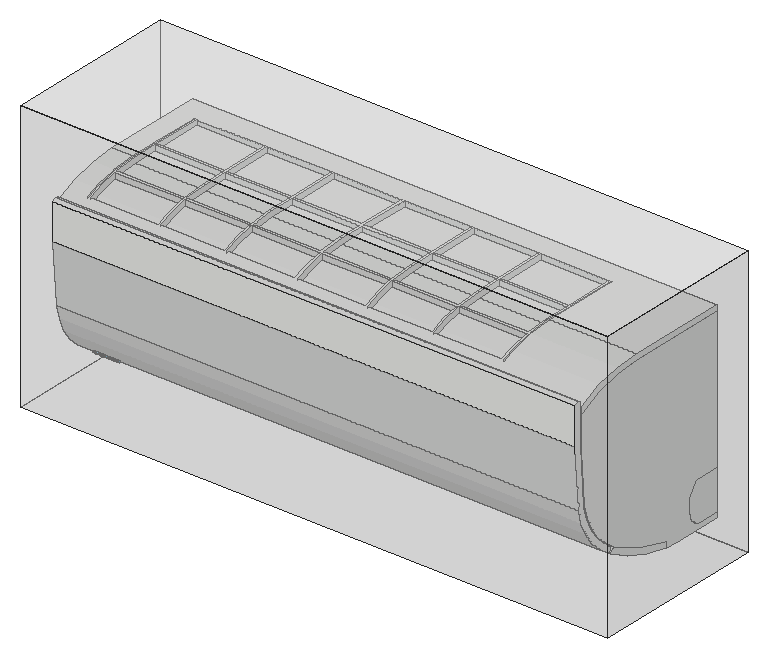
Revit family "outputfile", category 機械設備, Revit 2024
Family settings
  丸型コネクタ寸法 = 半径を使用
  パーツ タイプ = 標準
  OmniClass 番号 = 23.75.10.24.21.27.27
  OmniClass タイトル = Split System Air Conditioning Units
  作業面ベース = いいえ
  常に垂直 = はい
  ロード時にボイドで切り取り = いいえ
  注釈の向きを維持 = いいえ
  共有 = いいえ
  部屋計算ポイント = いいえ
Parameters (values of type "FXAQ32AVM")
  Description = ""
  製造元 = "Daikin"
  書き出し IFC クラス(タイプ) = "IfcUnitaryEquipmentType"
  定義済み IFC タイプ(タイプ) = "AIRCONDITIONINGUNIT"
  Cost = 0
  モデル = "FXAQ32AVM"
  Type Comments = ""
  Keynote = ""
  Type Image = (empty or 0)
  Assembly Code = ""
  w3_Indoor air flow = if(Width = 1050.0 mm, 109.0 mm, 1.0 mm)  # 1.0 mm
  w2_Indoor air flow = if(Width = 1050.0 mm, 103.0 mm, 98.0 mm)  # 98.0 mm
  w1_Indoor air flow = if(Width = 1050.0 mm, 108.0 mm, 103.0 mm)  # 103.0 mm
  r_Liquid Pipe Size = Liquid Pipe Size / 2  # 3.2 mm
  r_Gas Pipe Size = Gas Pipe Size / 2  # 6.35 mm
  r_Drain Pipe Size = Drain Pipe Size / 2  # 7.5 mm
  lw_powersupply [instance] = if(Width = 795.0 mm, if(or(Rear Right Connection_refrigerant, Bottom Right Connection_refrigerant), 83.0 mm, if(or(Rear Left Connection_refrigerant, Bottom Left Connection_refrigerant), 740.0 mm, 400.0 mm)), if(Width = 1050.0 mm, if(or(Rear Right Connection_refrigerant, Bottom Right Connection_refrigerant), 83.0 mm, if(or(Rear Left Connection_refrigerant, Bottom Left Connection_refrigerant), 712.0 mm + (1050.0 mm - 795.0 mm), 400.0 mm)), if(or(Rear Right Connection_refrigerant, Bottom Right Connection_refrigerant), 83.0 mm, if(or(Rear Left Connection_refrigerant, Bottom Left Connection_refrigerant), 712.0 mm, 400.0 mm))))  # 400.0 mm
  lw_liquidpipe [instance] = if(Width = 795.0 mm, if(or(Rear Right Connection_refrigerant, Bottom Right Connection_refrigerant), 0.0 mm, if(or(Rear Left Connection_refrigerant, Bottom Left Connection_refrigerant), 627.0 mm, 460.0 mm)), if(Width = 1050.0 mm, if(or(Rear Right Connection_refrigerant, Bottom Right Connection_refrigerant), 0.0 mm, if(or(Rear Left Connection_refrigerant, Bottom Left Connection_refrigerant), 627.0 mm + (1050.0 mm - 795.0 mm), 460.0 mm)), if(or(Rear Right Connection_refrigerant, Bottom Right Connection_refrigerant), 0.0 mm, if(or(Rear Left Connection_refrigerant, Bottom Left Connection_refrigerant), 627.0 mm, 460.0 mm))))  # 460.0 mm
  lw_gaspipe [instance] = if(Width = 795.0 mm, if(or(Rear Right Connection_refrigerant, Bottom Right Connection_refrigerant), 0.0 mm, if(or(Rear Left Connection_refrigerant, Bottom Left Connection_refrigerant), 620.0 mm, 415.0 mm)), if(Width = 1050.0 mm, if(or(Rear Right Connection_refrigerant, Bottom Right Connection_refrigerant), 0.0 mm, if(or(Rear Left Connection_refrigerant, Bottom Left Connection_refrigerant), 620.0 mm + (1050.0 mm - 795.0 mm), 415.0 mm)), if(or(Rear Right Connection_refrigerant, Bottom Right Connection_refrigerant), 0.0 mm, if(or(Rear Left Connection_refrigerant, Bottom Left Connection_refrigerant), 620.0 mm, 415.0 mm))))  # 415.0 mm
  lw_drainpipe [instance] = if(Width = 795.0 mm, if(or(Rear Right Connection_refrigerant, Bottom Right Connection_refrigerant), 0.0 mm, if(or(Rear Left Connection_refrigerant, Bottom Left Connection_refrigerant), 655.0 mm, 475.0 mm)), if(Width = 1050.0 mm, if(or(Rear Right Connection_refrigerant, Bottom Right Connection_refrigerant), 0.0 mm, if(or(Rear Left Connection_refrigerant, Bottom Left Connection_refrigerant), 655.0 mm + (1050.0 mm - 795.0 mm), 475.0 mm)), if(or(Rear Right Connection_refrigerant, Bottom Right Connection_refrigerant), 0.0 mm, if(or(Rear Left Connection_refrigerant, Bottom Left Connection_refrigerant), 655.0 mm, 475.0 mm))))  # 475.0 mm
  l_powersupply_length [instance] = if(Width = 795.0 mm, if(Right Connection_refrigerant, 400.0 mm, if(Left Connection_refrigerant, 395.0 mm, if(or(Rear Left Connection_refrigerant, Rear Right Connection_refrigerant), 15.0 mm, 50.0 mm))), if(Width = 1050.0 mm, if(Right Connection_refrigerant, 400.0 mm, if(Left Connection_refrigerant, 395.0 mm + (1050.0 mm - 795.0 mm), if(or(Rear Left Connection_refrigerant, Rear Right Connection_refrigerant), 15.0 mm, 50.0 mm))), if(Right Connection_refrigerant, 400.0 mm, if(Left Connection_refrigerant, 395.0 mm, if(or(Rear Left Connection_refrigerant, Rear Right Connection_refrigerant), 15.0 mm, 50.0 mm)))))  # 400.0 mm
  l_liquidpipe_length [instance] = if(Width = 795.0 mm, if(Right Connection_refrigerant, 558.0 mm, if(Left Connection_refrigerant, 237.0 mm, if(or(Rear Left Connection_refrigerant, Rear Right Connection_refrigerant), 30.0 mm, 40.0 mm))), if(Width = 1050.0 mm, if(Right Connection_refrigerant, 558.0 mm, if(Left Connection_refrigerant, 237.0 mm + (1050.0 mm - 795.0 mm), if(or(Rear Left Connection_refrigerant, Rear Right Connection_refrigerant), 30.0 mm, 40.0 mm))), if(Right Connection_refrigerant, 558.0 mm, if(Left Connection_refrigerant, 237.0 mm, if(or(Rear Left Connection_refrigerant, Rear Right Connection_refrigerant), 30.0 mm, 40.0 mm)))))  # 558.0 mm
  l_gaspipe_length [instance] = if(Width = 795.0 mm, if(Right Connection_refrigerant, 513.0 mm, if(Left Connection_refrigerant, 282.0 mm, if(or(Rear Left Connection_refrigerant, Rear Right Connection_refrigerant), 40.0 mm, 50.0 mm))), if(Width = 1050.0 mm, if(Right Connection_refrigerant, 513.0 mm, if(Left Connection_refrigerant, 282.0 mm + (1050.0 mm - 795.0 mm), if(or(Rear Left Connection_refrigerant, Rear Right Connection_refrigerant), 40.0 mm, 50.0 mm))), if(Right Connection_refrigerant, 513.0 mm, if(Left Connection_refrigerant, 282.0 mm, if(or(Rear Left Connection_refrigerant, Rear Right Connection_refrigerant), 40.0 mm, 50.0 mm)))))  # 513.0 mm
  l_drainpipe_length [instance] = if(Width = 795.0 mm, if(Right Connection_refrigerant, 573.0 mm, if(Left Connection_refrigerant, 222.0 mm, if(or(Rear Left Connection_refrigerant, Rear Right Connection_refrigerant), 15.0 mm, 20.0 mm))), if(Width = 1050.0 mm, if(Right Connection_refrigerant, 573.0 mm, if(Left Connection_refrigerant, 222.0 mm + (1050.0 mm - 795.0 mm), if(or(Rear Left Connection_refrigerant, Rear Right Connection_refrigerant), 15.0 mm, 20.0 mm))), if(Right Connection_refrigerant, 573.0 mm, if(Left Connection_refrigerant, 477.0 mm, if(or(Rear Left Connection_refrigerant, Rear Right Connection_refrigerant), 15.0 mm, 20.0 mm)))))  # 573.0 mm
  h*** = 0.0 mm  # constant formula
  d1_Indoor air flow = if(Width = 1050.0 mm, 38.0 mm, 35.0 mm)  # 35.0 mm
  angle_vertical [instance] = if(or(Bottom Left Connection_refrigerant, Bottom Right Connection_refrigerant), 0.00°, 90.00°)  # 90.00°
  angle_horizontal [instance] = if(Right Connection_refrigerant, 90.00°, if(Left Connection_refrigerant, -90.00°, if(or(Rear Left Connection_refrigerant, Rear Right Connection_refrigerant), 180.00°, 0.00°)))  # 90.00°
  Width = 795.0 mm
  Voltage_comment_60Hz = "220-230"
  Voltage_comment_50Hz = "220-240"
  Voltage_60Hz = 220 V
  Voltage_50Hz = 230 V
  Version = "ver.1.0"
  Unit Type = "Wall Mounted Type"
  Unit Mass Weight = 12.00 kg
  Unit Designation [instance] = ""
  Uniclass2015Version = "Products v1.30"
  Uniclass2015Title = "Variable refrigerant flow units"
  Uniclass2015Code = "Pr_70_65_03_94"
  URL = ""
  Total Heating Capacity [instance] = 0.000 kW
  Total Cooling Capacity [instance] = 0.000 kW
  Sound Pressure Level_M speed (dBA) = 0
  Sound Pressure Level_L speed (dBA) = 28.5
  Sound Pressure Level_H speed (dBA) = 37.5
  Sound Power Level_H speed (dB) = 0
  Series = "VRV Fan Coil Unit"
  Sensible Cooling Capacity [instance] = 0.000 kW
  Refrigerant Type = "R410A"
  Power Input (Heating) = 0.050 kW
  Power Input (Cooling) = 0.040 kW
  Phase_60Hz = 1
  Phase_50Hz = 1
  Option Accessory 3 [instance] = ""
  Option Accessory 2 [instance] = ""
  Option Accessory 1 [instance] = ""
  Nominal Heating Capacity = 4.000 kW
  Nominal Cooling Capacity = 3.600 kW
  Minimum Circuit Amps_60Hz = 0.6 A
  Minimum Circuit Amps_50Hz = 0.6 A
  Minimum Airflow = 420.00 m³/h
  Median Airflow = 0.00 m³/h
  Maximum Fuse Amps_60Hz = 15.0 A
  Maximum Fuse Amps_50Hz = 15.0 A
  Maximum Airflow = 588.00 m³/h
  Material_Casing = DAIKIN_White_Casing_indoorunit
  Load Classification = HVAC
  Liquid Pipe Size = 6.4 mm
  Link_Nested Family [instance] = ""
  IfcVersion = "0"
  IfcExportType = "AIRCONDITIONINGUNIT"
  IfcExportAs = "IfcUnitaryEquipmentType"
  Height = 290.0 mm
  Heating Entering Wet Bulb Temperature [instance] = 0.00 °C
  Heating Entering Dry Bulb Temperature [instance] = 0.00 °C
  Heating Ambient Wet Bulb Temperature [instance] = 0.00 °C
  Heating Ambient Dry Bulb Temperature [instance] = 0.00 °C
  Heat Exchanger Type = "Cross Fin Coil"
  Gas Pipe Size = 12.7 mm
  Frequency_60Hz = 60 Hz
  Frequency_50Hz = 50 Hz
  Fan Type = "Cross Flow Fan"
  Fan Drive = "Direct Drive"
  FCU Tag No. [instance] = ""
  Drain Pipe Size = 15.0 mm
  Design Supply Airflow [instance] = 0.00 m³/h
  Depth = 266.0 mm
  既定の高さ = 0.0 mm
  Cooling Entering Wet Bulb Temperature [instance] = 0.00 °C
  Cooling Entering Dry Bulb Temperature [instance] = 0.00 °C
  Cooling Ambient Wet Bulb Temperature [instance] = 0.00 °C
  Cooling Ambient Dry Bulb Temperature [instance] = 0.00 °C
  Clearance visibility [instance] = yes
  Clearance Top = 90.0 mm
  Clearance Right = 50.0 mm
  Clearance Rear = 0.0 mm
  Clearance Left = 50.0 mm
  Clearance Front = 0.0 mm
  Clearance Bottom = 30.0 mm
  Bottom Right Connection_refrigerant [instance] = no
  Bottom Left Connection_refrigerant [instance] = no
  Rear Right Connection_refrigerant [instance] = no
  Rear Left Connection_refrigerant [instance] = no
  Right Connection_refrigerant [instance] = yes
  Left Connection_refrigerant [instance] = no
Reference planes
  plane 1 "Back": y = 0
  plane 2: z = 0
  plane 3 "Center (Left/Right)": x = 0
  plane 4 "Center (Front/Back)": y = -133
  plane 5 "Front": y = -266
  plane 6 "Left": x = -397.5
  plane 7 "Right": x = 397.5
  plane 8 "Top": z = 0
  plane 9 "Bottom": z = -290
  plane 10 "Front panel_Left": x = -395.5
  plane 11 "Front panel_Right": x = 395.5
  plane 12: x = 261.5
  plane 13: x = 256.5
  plane 14: x = -445.5
  plane 15: x = 445.5
  plane 16: y = 0
  plane 17: y = -266
  plane 18: z = 90
  plane 19: z = -320
  plane 20: y = -35
  plane 21: y = -111.5
  plane 22: y = -187.5
  plane 23: y = -237
  plane 24: y = -115
  plane 25: y = -191
  plane 26: x = -50
  plane 27: x = -52
  plane 28: x = -48
  plane 29: x = 55
  plane 30: x = -155
  plane 31: x = -158
  plane 32: x = 58
  plane 33: x = -256
  plane 34: x = 156
  plane 35: x = -259
  plane 36: x = 159
  plane 37: x = -362
  plane 38: x = 262
  plane 39: x = -365
  plane 40: x = 265
  plane 41: x = 266
  plane 42: x = -366
  plane 43 "lw_Piping and Wiring intake": x = 299.5
  plane 44 "lw_gaspipe": x = -115.5
  plane 45 "lw_liquidpipe": x = -160.5
  plane 46 "lw_drainpipe": x = -175.5
  plane 47 "lh_drainpipe": z = -270
  plane 48 "lh_liquidpipe": z = -250
  plane 49 "lh_gaspipe": z = -240
  plane 50 "ld_drainpipe": y = -15
  plane 51 "ld_liquidpipe": y = -30
  plane 52 "ld_gaspipe": y = -40
  plane 53 "lw_powersupply": x = -2.5
Forms (mm)
  Extrusion 1, solid, material "DAIKIN_White_Casing_indoorunit" <- "Material_Casing"
    sketch origin (0, 0, 0) x (0, 1, 0) y (0, 0, 1)
      loop
        line (0, 0) -> (-151.682, 0)
        arc (-151.682, 0) -> (-205.302, -6.828) -> (-255.5, -26.876) r 213.958
        line (-255.5, -26.876) -> (-255.5, -36.08)
        arc (-255.5, -36.08) -> (-205.456, -15.144) -> (-151.682, -8) r 205.958
        line (-151.682, -8) -> (0, -8) -> (0, 0)
    from -397.5 to 397.5
  Extrusion 2, solid, material "DAIKIN_White_Casing_indoorunit" <- "Material_Casing"
    sketch origin (0, 0, 0) x (0, 1, 0) y (0, 0, 1)
      loop
        arc (-151.682, -8) -> (-205.456, -15.144) -> (-255.5, -36.08) r 205.958
        line (-255.5, -36.08) -> (-255.5, -86.08)
        arc (-255.5, -86.08) -> (-253.87, -125.667) -> (-248.99, -164.986) r 481.435
        arc (-248.99, -164.986) -> (-230.945, -209.78) -> (-195.65, -242.741) r 111.486
        arc (-195.65, -242.741) -> (-147.09, -265.96) -> (-95.247, -280.433) r 310.126
        line (-95.247, -280.433) -> (-95.247, -288.232)
        arc (-95.247, -288.232) -> (-84.534, -289.557) -> (-73.748, -290) r 131.592
        line (-73.748, -290) -> (0, -290) -> (0, -8) -> (-151.682, -8)
    from -397.5 to 397.5
  Extrusion 3, solid, material "DAIKIN_White_Casing_indoorunit" <- "Material_Casing"
    sketch origin (397.5, 1296.25, 1200) x (0, 1, 0) y (0, 0, 1)
      loop
        line (-1491.901, -1442.741) -> (-1496.494, -1450.482)
        arc (-1496.494, -1450.482) -> (-1447.058, -1474.911) -> (-1393.497, -1488.023) r 252.452
        line (-1393.497, -1488.023) -> (-1393.497, -1480.051)
        arc (-1393.497, -1480.051) -> (-1444.293, -1465.6) -> (-1491.901, -1442.741) r 310.126
    from 0 to -40.5
  Extrusion 4, solid, material "DAIKIN_White_Casing_indoorunit" <- "Material_Casing"
    sketch origin (0, 0, 0) x (0, 1, 0) y (0, 0, 1)
      loop
        line (-257, -76.896) -> (-257, -19.457) -> (-258.688, -19.457)
        arc (-258.688, -19.457) -> (-262.551, -20.17) -> (-266, -22.048) r 12.48
        line (-266, -22.048) -> (-266, -76.896) -> (-257, -76.896)
    from -395.5 to 395.5
  Extrusion 5, solid, material "DAIKIN_White_Casing_indoorunit" <- "Material_Casing"
    sketch origin (0, 0, 0) x (0, 1, 0) y (0, 0, 1)
      loop
        arc (-266, -76.896) -> (-264.342, -121.828) -> (-259.378, -166.517) r 609.735
        line (-259.378, -166.517) -> (-250.471, -165.192)
        arc (-250.471, -165.192) -> (-255.366, -121.165) -> (-257, -76.896) r 600.314
        line (-257, -76.896) -> (-266, -76.896)
    from -395.5 to 395.5
  Extrusion 6, solid, material "DAIKIN_White_Casing_indoorunit" <- "Material_Casing"
    sketch origin (0, 0, 0) x (0, 1, 0) y (0, 0, 1)
      loop
        arc (-259.378, -166.517) -> (-240.331, -214.672) -> (-201.947, -249.433) r 114
        line (-201.947, -249.433) -> (-197.324, -241.643)
        arc (-197.324, -241.643) -> (-232.845, -209.638) -> (-250.471, -165.192) r 104.894
        line (-250.471, -165.192) -> (-259.378, -166.517)
    from -395.5 to 395.5
  Extrusion 7, solid, material "DAIKIN_White_Casing_indoorunit" <- "Material_Casing"
    sketch origin (-397.5, 1296.25, 1200) x (0, 1, 0) y (0, 0, 1)
      loop
        arc (-1496.494, -1450.482) -> (-1447.058, -1474.911) -> (-1393.497, -1488.023) r 252.452
        line (-1393.497, -1488.023) -> (-1393.497, -1480.051)
        arc (-1393.497, -1480.051) -> (-1444.293, -1465.6) -> (-1491.901, -1442.741) r 310.126
        line (-1491.901, -1442.741) -> (-1496.494, -1450.482)
    from 0 to 40.5
  Extrusion 8, solid, material "DAIKIN_White_Casing_indoorunit" <- "Material_Casing"
    sketch origin (0, 0, 0) x (0, 1, 0) y (0, 0, 1)
      loop
        arc (-133.049, -280.649) -> (-115.282, -284.985) -> (-97.247, -288.023) r 252.452
        line (-97.247, -288.023) -> (-97.247, -280.051)
        arc (-97.247, -280.051) -> (-113.907, -276.335) -> (-130.338, -271.708) r 310.126
        line (-130.338, -271.708) -> (-133.049, -280.649)
    from -357 to 357
  Extrusion 9, solid, material "DAIKIN_White_Casing_indoorunit" <- "Material_Casing"
    sketch origin (261.5, -1524, 1789.769) x (0, 0, 1) y (0, -1, 0)
      loop
        line (-2032.51, -1328.35) -> (-2040.251, -1323.756)
        arc (-2040.251, -1323.756) -> (-2050.358, -1341.058) -> (-2059.061, -1359.107) r 252.452
        line (-2059.061, -1359.107) -> (-2050.603, -1364.126)
        arc (-2050.603, -1364.126) -> (-2042.135, -1345.945) -> (-2032.51, -1328.35) r 310.126
    from 0 to 95.5
  Extrusion 10, solid, material "DAIKIN_White_Casing_indoorunit" <- "Material_Casing"
    sketch origin (261.5, -1524, 1789.769) x (0, 0, 1) y (0, -1, 0)
      loop
        arc (-2059.061, -1359.107) -> (-2065.273, -1374.839) -> (-2070.418, -1390.951) r 252.452
        line (-2070.418, -1390.951) -> (-2061.477, -1393.662)
        arc (-2061.477, -1393.662) -> (-2056.415, -1378.756) -> (-2050.603, -1364.126) r 310.126
        line (-2050.603, -1364.126) -> (-2059.061, -1359.107)
    from 0 to 95.5
  Extrusion 11, solid, material "DAIKIN_White_Casing_indoorunit" <- "Material_Casing"
    sketch origin (256.5, -1524, 1089.438) x (0, 0, 1) y (0, -1, 0)
      loop
        arc (-1350.272, -1364.126) -> (-1341.805, -1345.945) -> (-1332.179, -1328.35) r 310.126
        line (-1332.179, -1328.35) -> (-1339.92, -1323.756)
        arc (-1339.92, -1323.756) -> (-1350.027, -1341.058) -> (-1358.73, -1359.107) r 252.452
        line (-1358.73, -1359.107) -> (-1350.272, -1364.126)
    from 0 to -613.5
  Extrusion 12, solid, material "DAIKIN_White_Casing_indoorunit" <- "Material_Casing"
    sketch origin (256.5, -1524, 1089.438) x (0, 0, 1) y (0, -1, 0)
      loop
        arc (-1361.147, -1393.662) -> (-1356.085, -1378.756) -> (-1350.272, -1364.126) r 310.126
        line (-1350.272, -1364.126) -> (-1358.73, -1359.107)
        arc (-1358.73, -1359.107) -> (-1364.943, -1374.839) -> (-1370.087, -1390.951) r 252.452
        line (-1370.087, -1390.951) -> (-1361.147, -1393.662)
    from 0 to -613.5
  Extrusion 13, void
    sketch origin (0, 0, 0) x (-1, 0, 0) y (0, -1, 0)
      loop
        line (48, 35) -> (48, 111.5) -> (-55, 111.5) -> (-55, 35) -> (48, 35)
      loop
        line (-58, 35) -> (-58, 111.5) -> (-156, 111.5) -> (-156, 35) -> (-58, 35)
      loop
        line (-159, 35) -> (-159, 111.5) -> (-262, 111.5) -> (-262, 35) -> (-159, 35)
      loop
        line (-265, 35) -> (-265, 111.5) -> (-266, 111.5) -> (-266, 35) -> (-265, 35)
      loop
        line (155, 35) -> (155, 111.5) -> (52, 111.5) -> (52, 35) -> (155, 35)
      loop
        line (-265, 115) -> (-265, 187.5) -> (-266, 187.5) -> (-266, 115) -> (-265, 115)
      loop
        line (-265, 191) -> (-265, 237) -> (-266, 237) -> (-266, 191) -> (-265, 191)
      loop
        line (-159, 237) -> (-262, 237) -> (-262, 191) -> (-159, 191) -> (-159, 237)
      loop
        line (-58, 237) -> (-156, 237) -> (-156, 191) -> (-58, 191) -> (-58, 237)
      loop
        line (-55, 191) -> (48, 191) -> (48, 237) -> (-55, 237) -> (-55, 191)
      loop
        line (155, 237) -> (52, 237) -> (52, 191) -> (155, 191) -> (155, 237)
      loop
        line (256, 237) -> (158, 237) -> (158, 191) -> (256, 191) -> (256, 237)
      loop
        line (362, 237) -> (259, 237) -> (259, 191) -> (362, 191) -> (362, 237)
      loop
        line (158, 35) -> (256, 35) -> (256, 111.5) -> (158, 111.5) -> (158, 35)
      loop
        line (259, 35) -> (362, 35) -> (362, 111.5) -> (259, 111.5) -> (259, 35)
      loop
        line (362, 115) -> (362, 187.5) -> (259, 187.5) -> (259, 115) -> (362, 115)
      loop
        line (256, 115) -> (256, 187.5) -> (158, 187.5) -> (158, 115) -> (256, 115)
      loop
        line (155, 115) -> (155, 187.5) -> (52, 187.5) -> (52, 115) -> (155, 115)
      loop
        line (48, 115) -> (48, 187.5) -> (-55, 187.5) -> (-55, 115) -> (48, 115)
      loop
        line (-58, 115) -> (-58, 187.5) -> (-156, 187.5) -> (-156, 115) -> (-58, 115)
      loop
        line (-159, 115) -> (-159, 187.5) -> (-262, 187.5) -> (-262, 115) -> (-159, 115)
      loop
        line (365, 35) -> (366, 35) -> (366, 111.5) -> (365, 111.5) -> (365, 35)
      loop
        line (366, 115) -> (366, 187.5) -> (365, 187.5) -> (365, 115) -> (366, 115)
      loop
        line (366, 237) -> (365, 237) -> (365, 191) -> (366, 191) -> (366, 237)
    from 2 to -30
  Extrusion 14, solid, material "DAIKIN_White_Casing_indoorunit" <- "Material_Casing"
    sketch origin (0, 0, 0) x (1, 0, 0) y (0, 0, 1)
      loop
        circle (299.5, -246) r 40
      loop
        circle (-337.5, -246) r 40
    from 0 to 5
  Extrusion 15, solid, material "DAIKIN_White_Casing_indoorunit" <- "Material_Casing"
    sketch origin (397.5, 1296.25, 1200) x (0, -1, 0) y (0, 0, 1)
      loop
        line (1326.25, -1422) -> (1296.25, -1422) -> (1296.25, -1482) -> (1326.25, -1482)
        arc (1326.25, -1482) -> (1340.393, -1476.142) -> (1346.25, -1462) r 20
        line (1346.25, -1462) -> (1346.25, -1442)
        arc (1346.25, -1442) -> (1340.393, -1427.858) -> (1326.25, -1422) r 20
    from 0 to 5
  Extrusion 16, solid, material "DAIKIN_White_Casing_indoorunit" <- "Material_Casing"
    sketch origin (-397.5, 1296.25, 1200) x (0, 1, 0) y (0, 0, 1)
      loop
        line (-1296.25, -1422) -> (-1326.25, -1422)
        arc (-1326.25, -1422) -> (-1340.393, -1427.858) -> (-1346.25, -1442) r 20
        line (-1346.25, -1442) -> (-1346.25, -1462)
        arc (-1346.25, -1462) -> (-1340.393, -1476.142) -> (-1326.25, -1482) r 20
        line (-1326.25, -1482) -> (-1296.25, -1482) -> (-1296.25, -1422)
    from 0 to 5
  Extrusion 17, solid, material "DAIKIN_White_Casing_indoorunit" <- "Material_Casing"
    sketch origin (0, 0, -290) x (-1, 0, 0) y (0, -1, 0)
      loop
        line (-269.5, 0) -> (-269.5, 30)
        arc (-269.5, 30) -> (-275.358, 44.142) -> (-289.5, 50) r 20
        line (-289.5, 50) -> (-309.5, 50)
        arc (-309.5, 50) -> (-323.642, 44.142) -> (-329.5, 30) r 20
        line (-329.5, 30) -> (-329.5, 0) -> (-269.5, 0)
      loop
        line (367.5, 0) -> (367.5, 30)
        arc (367.5, 30) -> (361.642, 44.142) -> (347.5, 50) r 20
        line (347.5, 50) -> (327.5, 50)
        arc (327.5, 50) -> (313.358, 44.142) -> (307.5, 30) r 20
        line (307.5, 30) -> (307.5, 0) -> (367.5, 0)
    from 0 to 5
Cuts and joins
  joined: Extrusion 4, Extrusion 5, Extrusion 6
  joined: Extrusion 3, Extrusion 7, Extrusion 8
  Extrusion 13 cuts Extrusion 1
Lines and regions (mm)
  reference lines
    curve 1: line (-395.5, -227.394, -229.966) -> (-395.5, -220.117, -236.824)
Dimensions and locks
  equal spacing: plane 6 "Left", plane 3 "Center (Left/Right)", plane 7 "Right"
  "Width": plane 6 "Left" to plane 7 "Right"
  equal spacing: plane 5 "Front", plane 4 "Center (Front/Back)", plane 1 "Back"
  "Depth": plane 5 "Front" to plane 1 "Back"
  "Height": plane 8 "Top" to plane 9 "Bottom"
  locked: Extrusion 1 sketch curve to Extrusion 1 sketch curve at 8
  locked: Extrusion 2 sketch curve to plane 1 "Back" at 73.748
  locked: Extrusion 3 sketch curve to plane 1 "Back" at 97.247
  locked: Extrusion 4 sketch curve to Extrusion 4 sketch curve at 9
  locked: plane 8 "Top" to Extrusion 4 sketch curve at 19.457
  locked: plane 5 "Front" to Extrusion 6 sketch curve at 6.622
  locked: plane 5 "Front" to Extrusion 6 sketch curve at 15.529
  locked: plane 10 "Front panel_Left" to plane 6 "Left" at 2
  locked: plane 7 "Right" to plane 11 "Front panel_Right" at 2
  locked: cut or joined group of Extrusion 3, Extrusion 7, Extrusion 8 to Extrusion 9 sketch curve at 40
  locked: plane 7 "Right" to plane 12 at 136
  locked: plane 12 to plane 13 at 5
  "Clearance Left": plane 14 to plane 10 "Front panel_Left"
  "Clearance Right": plane 11 "Front panel_Right" to plane 15
  "Clearance Rear": plane 16 to plane 1 "Back"
  "Clearance Front": plane 17 to plane 5 "Front"
  "Clearance Top": plane 18 to plane 8 "Top"
  "Clearance Bottom": plane 9 "Bottom" to plane 19
  locked: nested 2 to plane 10 "Front panel_Left" at 50
  "d1_Indoor air flow": plane 20 to plane 1 "Back"
  locked: plane 20 to plane 21 at 76.5
  locked: plane 21 to plane 24 at 3.5
  locked: plane 24 to plane 22 at 72.5
  locked: plane 22 to plane 25 at 3.5
  locked: plane 25 to plane 23 at 46
  locked: plane 26 to plane 3 "Center (Left/Right)" at 50
  equal spacing: plane 27, plane 26, plane 28
  locked: plane 27 to plane 28 at 4
  "w1_Indoor air flow": plane 28 to plane 29
  "w1_Indoor air flow": plane 30 to plane 27
  locked: plane 31 to plane 30 at 3
  locked: plane 29 to plane 32 at 3
  "w2_Indoor air flow": plane 33 to plane 31
  "w2_Indoor air flow": plane 32 to plane 34
  locked: plane 35 to plane 33 at 3
  locked: plane 34 to plane 36 at 3
  locked: plane 37 to plane 35 at 103
  locked: plane 36 to plane 38 at 103
  locked: plane 39 to plane 37 at 3
  locked: plane 38 to plane 40 at 3
  "w3_Indoor air flow": plane 40 to plane 41
  "w3_Indoor air flow": plane 42 to plane 39
  locked: plane 9 "Bottom" to Extrusion 14 sketch curve at 44  (x2)
  locked: Extrusion 14 sketch curve to plane 6 "Left" at 60
  locked: plane 7 "Right" to Extrusion 14 sketch curve at 98
  locked: plane 43 "lw_Piping and Wiring intake" to plane 7 "Right" at 98
  "lw_gaspipe": plane 44 "lw_gaspipe" to plane 43 "lw_Piping and Wiring intake"
  "lw_liquidpipe": plane 45 "lw_liquidpipe" to plane 43 "lw_Piping and Wiring intake"
  "lw_drainpipe": plane 46 "lw_drainpipe" to plane 43 "lw_Piping and Wiring intake"
  locked: plane 47 "lh_drainpipe" to plane 9 "Bottom" at 20
  locked: plane 48 "lh_liquidpipe" to plane 9 "Bottom" at 40
  locked: plane 49 "lh_gaspipe" to plane 9 "Bottom" at 50
  locked: plane 50 "ld_drainpipe" to plane 1 "Back" at 15
  locked: plane 1 "Back" to plane 51 "ld_liquidpipe" at 30
  locked: plane 1 "Back" to plane 52 "ld_gaspipe" at 40
  Extrusion 15 sketch curve to Extrusion 15 sketch curve to plane 9 "Bottom" = 60.0 mm locked, 8.0 mm locked
  locked: Extrusion 15 sketch curve to Extrusion 15 sketch curve at 50
  locked: Extrusion 17 sketch curve to Extrusion 17 sketch curve at 60  (x2)
  locked: Extrusion 17 sketch curve to Extrusion 17 sketch curve at 50
  locked: Extrusion 17 sketch curve to plane 43 "lw_Piping and Wiring intake" at 30
  locked: plane 6 "Left" to Extrusion 17 sketch curve at 30
  "lw_powersupply": plane 53 "lw_powersupply" to plane 7 "Right"
  radius of Extrusion 5 sketch curve = 609.735 mm
  radius of Extrusion 5 sketch curve = 600.314 mm
  aligned and locked: level to plane 2
  aligned and locked: plane 8 "Top" to Extrusion 1 sketch curve
  aligned and locked: plane 1 "Back" to Extrusion 1 sketch curve
  aligned and locked: Extrusion 1 to plane 6 "Left"
  aligned and locked: plane 7 "Right" to Extrusion 1
  aligned and locked: Extrusion 2 sketch curve to Extrusion 1
  aligned and locked: Extrusion 1 to Extrusion 2 sketch curve
  aligned and locked: plane 1 "Back" to Extrusion 2 sketch curve
  aligned and locked: Extrusion 2 sketch curve to plane 9 "Bottom"
  aligned and locked: Extrusion 2 to plane 6 "Left"
  aligned and locked: plane 7 "Right" to Extrusion 2
  aligned and locked: Extrusion 3 sketch curve to Extrusion 2
  aligned and locked: plane 5 "Front" to Extrusion 4 sketch curve
  aligned and locked: Extrusion 5 sketch curve to Extrusion 4
  aligned and locked: Extrusion 6 sketch curve to Extrusion 5
  aligned and locked: cut or joined group of Extrusion 4, Extrusion 5, Extrusion 6 to plane 11 "Front panel_Right"  (x3)
  aligned and locked: plane 10 "Front panel_Left" to cut or joined group of Extrusion 4, Extrusion 5, Extrusion 6  (x3)
  aligned and locked: Extrusion 7 sketch curve to Extrusion 3  (x4)
  aligned and locked: Extrusion 8 sketch curve to Extrusion 3  (x3)
  aligned and locked: Extrusion 8 to Extrusion 3
  aligned and locked: Extrusion 8 to Extrusion 7
  aligned and locked: Extrusion 9 sketch curve to cut or joined group of Extrusion 3, Extrusion 7, Extrusion 8  (x3)
  aligned and locked: Extrusion 10 sketch curve to cut or joined group of Extrusion 3, Extrusion 7, Extrusion 8  (x3)
  aligned and locked: Extrusion 10 sketch curve to Extrusion 9
  aligned and locked: Extrusion 9 to cut or joined group of Extrusion 3, Extrusion 7, Extrusion 8
  aligned and locked: Extrusion 10 to cut or joined group of Extrusion 3, Extrusion 7, Extrusion 8
  aligned and locked: Extrusion 11 sketch curve to Extrusion 9  (x4)
  aligned and locked: Extrusion 11 to cut or joined group of Extrusion 3, Extrusion 7, Extrusion 8
  aligned and locked: Extrusion 12 sketch curve to Extrusion 10  (x4)
  aligned and locked: Extrusion 12 to cut or joined group of Extrusion 3, Extrusion 7, Extrusion 8
  aligned and locked: plane 16 to nested 1
  aligned and locked: nested 1 to plane 17
  aligned and locked: plane 14 to nested 1
  aligned and locked: plane 15 to nested 1
  aligned and locked: plane 19 to nested 1
  aligned and locked: plane 18 to nested 1
  aligned and locked: nested 2 to curve 1
  aligned and locked: Extrusion 13 sketch curve to plane 20  (x5)
  aligned and locked: plane 28 to Extrusion 13 sketch curve  (x2)
  aligned and locked: plane 21 to Extrusion 13 sketch curve  (x5)
  aligned and locked: Extrusion 13 sketch curve to plane 29  (x2)
  aligned and locked: plane 32 to Extrusion 13 sketch curve  (x2)
  aligned and locked: Extrusion 13 sketch curve to plane 34  (x2)
  aligned and locked: plane 36 to Extrusion 13 sketch curve  (x2)
  aligned and locked: Extrusion 13 sketch curve to plane 38  (x2)
  aligned and locked: plane 40 to Extrusion 13 sketch curve  (x3)
  aligned and locked: Extrusion 13 sketch curve to plane 41  (x3)
  aligned and locked: plane 30 to Extrusion 13 sketch curve  (x2)
  aligned and locked: Extrusion 13 sketch curve to plane 27  (x2)
  aligned and locked: Extrusion 13 sketch curve to plane 24  (x8)
  aligned and locked: plane 22 to Extrusion 13 sketch curve  (x8)
  aligned and locked: Extrusion 13 sketch curve to plane 25
  aligned and locked: plane 23 to Extrusion 13 sketch curve
  aligned and locked: Extrusion 13 sketch curve to plane 23  (x7)
  aligned and locked: Extrusion 13 sketch curve to plane 36
  aligned and locked: plane 25 to Extrusion 13 sketch curve  (x7)
  aligned and locked: plane 38 to Extrusion 13 sketch curve
  aligned and locked: Extrusion 13 sketch curve to plane 32
  aligned and locked: plane 34 to Extrusion 13 sketch curve
  aligned and locked: plane 29 to Extrusion 13 sketch curve
  aligned and locked: Extrusion 13 sketch curve to plane 28
  aligned and locked: Extrusion 13 sketch curve to plane 30
  aligned and locked: plane 27 to Extrusion 13 sketch curve
  aligned and locked: Extrusion 13 sketch curve to plane 33  (x2)
  aligned and locked: plane 31 to Extrusion 13 sketch curve  (x2)
  aligned and locked: Extrusion 13 sketch curve to plane 37  (x2)
  aligned and locked: plane 35 to Extrusion 13 sketch curve  (x2)
  aligned and locked: plane 20 to Extrusion 13 sketch curve  (x3)
  aligned and locked: Extrusion 13 sketch curve to plane 21  (x3)
  aligned and locked: plane 37 to Extrusion 13 sketch curve
  aligned and locked: Extrusion 13 sketch curve to plane 35
  aligned and locked: plane 33 to Extrusion 13 sketch curve
  aligned and locked: Extrusion 13 sketch curve to plane 31
  aligned and locked: plane 39 to Extrusion 13 sketch curve  (x2)
  aligned and locked: Extrusion 13 sketch curve to plane 42  (x2)
  aligned and locked: plane 42 to Extrusion 13 sketch curve
  aligned and locked: Extrusion 13 sketch curve to plane 39
  aligned and locked: plane 1 "Back" to Extrusion 15 sketch curve
  aligned and locked: Extrusion 16 sketch curve to Extrusion 15  (x4)
  aligned and locked: Extrusion 17 sketch curve to Extrusion 17 sketch curve  (x2)
  aligned and locked: plane 1 "Back" to Extrusion 17 sketch curve
  aligned and locked: plane 44 "lw_gaspipe" to nested 3
  aligned and locked: nested 3 to plane 52 "ld_gaspipe"
  aligned and locked: plane 45 "lw_liquidpipe" to nested 4
  aligned and locked: nested 4 to plane 51 "ld_liquidpipe"
  aligned and locked: plane 46 "lw_drainpipe" to nested 5
  aligned and locked: nested 5 to plane 50 "ld_drainpipe"
  aligned and locked: nested 6 to plane 50 "ld_drainpipe"
  aligned and locked: plane 53 "lw_powersupply" to nested 6
  aligned and locked: level to plane 8 "Top"
Automatic sketch dimensions
  Extrusion 1 sketch curve to plane 8 "Top" = 0.0 mm
  Extrusion 1 sketch curve to plane 4 "Center (Front/Back)" = 18.682 mm
  Extrusion 1 sketch curve to Extrusion 1 sketch curve = 9.205 mm
  Extrusion 1 sketch curve to Extrusion 1 sketch curve = 0.0 mm  (x3)
  Extrusion 1 sketch curve to plane 5 "Front" = 10.5 mm
  Extrusion 2 sketch curve to plane 4 "Center (Front/Back)" = 6.011 mm
  plane 9 "Bottom" to Extrusion 2 sketch curve = 9.567 mm
  Extrusion 2 sketch curve to Extrusion 2 sketch curve = 21.499 mm
  plane 1 "Back" to Extrusion 2 sketch curve = 38.095 mm
  Extrusion 2 sketch curve to plane 8 "Top" = 86.08 mm
  Extrusion 2 sketch curve to Extrusion 2 sketch curve = 7.799 mm
  Extrusion 2 sketch curve to Extrusion 2 sketch curve = 11.695 mm
  plane 8 "Top" to Extrusion 2 sketch curve = 24.382 mm
  Extrusion 2 sketch curve to Extrusion 2 sketch curve = 0.0 mm  (x2)
  Extrusion 4 sketch curve to Extrusion 4 sketch curve = 1.688 mm
  Extrusion 4 sketch curve to plane 5 "Front" = 7.618 mm
  Extrusion 4 sketch curve to Extrusion 4 sketch curve = 12.476 mm
  Extrusion 4 sketch curve to Extrusion 4 sketch curve = 44.963 mm
  Extrusion 5 sketch curve to Extrusion 5 sketch curve = 0.421 mm
  Extrusion 5 sketch curve to plane 5 "Front" = 6.622 mm
  Extrusion 5 sketch curve to Extrusion 5 sketch curve = 8.907 mm
  Extrusion 5 sketch curve to plane 5 "Front" = 0.0 mm
  plane 9 "Bottom" to Extrusion 6 sketch curve = 40.567 mm
  Extrusion 6 sketch curve to Extrusion 6 sketch curve = 4.622 mm
  Extrusion 6 sketch curve to Extrusion 6 sketch curve = 0.102 mm
  Extrusion 6 sketch curve to Extrusion 6 sketch curve = 0.003 mm
  Extrusion 6 sketch curve to Extrusion 6 sketch curve = 48.524 mm
  Extrusion 6 sketch curve to Extrusion 6 sketch curve = 50.607 mm
  plane 9 "Bottom" to Extrusion 3 sketch curve = 47.259 mm
  Extrusion 3 sketch curve to Extrusion 3 sketch curve = 4.593 mm
  plane 1 "Back" to Extrusion 3 sketch curve = 64.356 mm
  plane 9 "Bottom" to Extrusion 3 sketch curve = 1.977 mm
  Extrusion 3 sketch curve to Extrusion 3 sketch curve = 7.741 mm
  plane 4 "Center (Front/Back)" to Extrusion 8 sketch curve = 2.662 mm
  Extrusion 8 sketch curve to plane 4 "Center (Front/Back)" = 0.049 mm
  plane 9 "Bottom" to curve 1 = 53.176 mm
  curve 1 to plane 5 "Front" = 45.883 mm
  curve 1 to curve 1 = 6.859 mm
  curve 1 to curve 1 = 7.277 mm
  Extrusion 15 sketch curve to plane 51 "ld_liquidpipe" = 0.0 mm  (x2)
  Extrusion 17 sketch curve to plane 51 "ld_liquidpipe" = 0.0 mm  (x4)
  radius of Extrusion 14 sketch curve = 40.0 mm  (x2)
Nested families
  nested 1: "daikin_clearancespace" at (0, -133, -114.881), show <- "Clearance visibility", visible <- "Clearance visibility", Link_Nested Family <- "Link_Nested Family", type "daikin_clearancespace"
    with width 891.0 mm, show yes, height 410.0 mm, depth 266.0 mm, Link_Nested Family ""
  nested 2: "daikin_logo_plane_w40" at (-345.5, -227.722, -229.657) x (1, 0, 0) z (0, -0.6859, -0.7277), type "daikin_logo_plane_w40"
    with show_logo yes
  nested 3: "daikin_connector_rotate3" at (-115.5, -40, -240), angle_vertical <- "angle_vertical", angle_horizontal <- "angle_horizontal", length <- "l_gaspipe_length", radius <- "r_Gas Pipe Size", type "daikin_connector_rotate3"
    with show no, radius 6.35 mm, length 513.0 mm, angle_vertical 90.00°, angle_horizontal 90.00°
  nested 4: "daikin_connector_rotate3" at (-160.5, -30, -250), angle_vertical <- "angle_vertical", angle_horizontal <- "angle_horizontal", radius <- "r_Liquid Pipe Size", length <- "l_liquidpipe_length", type "daikin_connector_rotate3"
    with show no, radius 3.2 mm, length 558.0 mm, angle_vertical 90.00°, angle_horizontal 90.00°
  nested 5: "daikin_connector_rotate3" at (-175.5, -15, -270), angle_vertical <- "angle_vertical", angle_horizontal <- "angle_horizontal", length <- "l_drainpipe_length", radius <- "r_Drain Pipe Size", type "daikin_connector_rotate3"
    with show no, radius 7.5 mm, length 573.0 mm, angle_vertical 90.00°, angle_horizontal 90.00°
  nested 6: "daikin_connector_rotate3" at (-2.5, -15, -240), angle_vertical <- "angle_vertical", angle_horizontal <- "angle_horizontal", length <- "l_powersupply_length", type "daikin_connector_rotate3"
    with show no, radius 10.0 mm, length 400.0 mm, angle_vertical 90.00°, angle_horizontal 90.00°
Connectors
  piping at (397.5, -40, -240), diameter 12.7, driven by "r_Gas Pipe Size"
    settings: on nested 3, index 1, connector inside diameter 609.6 mm, connector length 0.0 mm, flow factor 0, pipe flow 0.00 m³/h, pressure drop 0.0 Pa, fitting loss kfactor 0, connector angle 0.00°, fixture units 0, engagement length 0.0 mm, angle of deflection 0.00°, flow configuration 1, flow direction 2, fitting loss method 0, system type 29, joint type 0, gender type 0, connector reference index -1, connector utility 0, adjustable connector no, is connector primary yes, connector description "Refrigerant Gas Piping"
  piping at (397.5, -30, -250), diameter 6.4, driven by "r_Liquid Pipe Size"
    settings: on nested 4, index 2, connector inside diameter 609.6 mm, connector length 0.0 mm, flow factor 0, pipe flow 0.00 m³/h, pressure drop 0.0 Pa, fitting loss kfactor 0, connector angle 0.00°, fixture units 0, engagement length 0.0 mm, angle of deflection 0.00°, flow configuration 1, flow direction 1, fitting loss method 0, system type 29, joint type 0, gender type 0, connector reference index -1, connector utility 0, adjustable connector no, is connector primary no, connector description "Refrigerant Liquid Piping"
  piping at (397.5, -15, -270), diameter 15, driven by "r_Drain Pipe Size"
    settings: on nested 5, index 3, connector inside diameter 609.6 mm, connector length 0.0 mm, flow factor 0, pipe flow 0.00 m³/h, pressure drop 0.0 Pa, fitting loss kfactor 0, connector angle 0.00°, fixture units 0, engagement length 0.0 mm, angle of deflection 0.00°, flow configuration 1, flow direction 2, fitting loss method 4, system type 16, joint type 0, gender type 0, connector reference index -1, connector utility 0, adjustable connector no, is connector primary no, connector description "Condensate Drain Piping"
  electrical at (397.5, -15, -240), driven by "Load Classification"
    settings: on nested 6, index 4, voltage 0 V, apparent load 0 VA, apparent load phase1 0 VA, apparent load phase2 0 VA, apparent load phase3 0 VA, power factor 1, load classification "HVAC", number of poles 1, system type 30, power factor state 1, is connector primary yes, connector utility no, sub classification motor no, connector description "Power Supply"
Definition of nested family "daikin_clearancespace"
  Parameters (values of type "daikin_clearancespace")
    Description = "daikin_clearancespace"
    width [instance] = 1823.963 mm
    show [instance] = yes
    material = none
    height [instance] = 1359.762 mm
    depth [instance] = 880.0 mm
    Default Elevation = 0.0 mm
    Link_Nested Family [instance] = ""
  Reference planes
    plane 1 "Center (Front/Back)": y = 0
    plane 2 "Center (Elevation)": z = -0.119
    plane 3 "Center (Left/Right)": x = 0
    plane 4: y = 440
    plane 5: y = -440
    plane 6 "Right": x = 911.982
    plane 7 "Left": x = -911.982
    plane 8 "Top": z = 679.762
    plane 9 "Bottom": z = -680
  Forms (mm)
    Extrusion 1, solid, material <- "material", visible <- "show"
      sketch origin (0, 0, 0) x (1, 0, 0) y (0, 1, 0)
        loop
          line (-911.982, 440) -> (-911.982, -440) -> (911.982, -440) -> (911.982, 440) -> (-911.982, 440)
      from -680 to 679.762
  Lines and regions (mm)
    symbolic lines, visible <- "show"
      curve 1: line (911.982, 440, 0) -> (-911.982, 440, 0)
      curve 2: line (-911.982, 440, 0) -> (-911.982, -440, 0)
      curve 3: line (-911.982, -440, 0) -> (911.982, -440, 0)
      curve 4: line (911.982, -440, 0) -> (911.982, 440, 0)
      curve 5: line (911.982, 0, 679.762) -> (-911.982, 0, 679.762)
      curve 6: line (911.982, 0, -680) -> (911.982, 0, 679.762)
      curve 7: line (-911.982, 0, -680) -> (911.982, 0, -680)
      curve 8: line (-911.982, 0, 679.762) -> (-911.982, 0, -680)
      curve 9: line (0, 440, 679.762) -> (0, -440, 679.762)
      curve 10: line (0, -440, 679.762) -> (0, -440, -680)
      curve 11: line (0, 440, -680) -> (0, 440, 679.762)
      curve 12: line (0, -440, -680) -> (0, 440, -680)
  Dimensions and locks
    "width": plane 7 "Left" to plane 6 "Right"
    "depth": plane 4 to plane 5
    "height": plane 8 "Top" to plane 9 "Bottom"
    equal spacing: plane 7 "Left", plane 3 "Center (Left/Right)", plane 6 "Right"
    equal spacing: plane 4, plane 1 "Center (Front/Back)", plane 5
    equal spacing: plane 8 "Top", plane 2 "Center (Elevation)", plane 9 "Bottom"
    aligned and locked: level to plane 2 "Center (Elevation)"
    aligned and locked: Extrusion 1 sketch curve to plane 4
    aligned and locked: plane 7 "Left" to Extrusion 1 sketch curve
    aligned and locked: Extrusion 1 sketch curve to plane 5
    aligned and locked: Extrusion 1 sketch curve to plane 6 "Right"
    aligned and locked: plane 8 "Top" to Extrusion 1
    aligned and locked: curve 1 to Extrusion 1
    aligned and locked: curve 2 to Extrusion 1
    aligned and locked: curve 3 to Extrusion 1
    aligned and locked: curve 4 to Extrusion 1
    aligned and locked: curve 5 to Extrusion 1
    aligned and locked: curve 6 to Extrusion 1
    aligned and locked: curve 7 to Extrusion 1
    aligned and locked: curve 8 to Extrusion 1
    aligned and locked: curve 9 to Extrusion 1
    aligned and locked: curve 10 to Extrusion 1
    aligned and locked: curve 11 to Extrusion 1
    aligned and locked: curve 12 to Extrusion 1
    aligned and locked: Extrusion 1 to plane 9 "Bottom"
Definition of nested family "daikin_logo_plane_w40"
  Parameters (values of type "daikin_logo_plane_w40")
    width = 40.0 mm
    show_logo [instance] = yes
    material = none
    height = 0.0 mm
    depth = 0.0 mm
    Default Elevation = 1219.2 mm
  Reference planes
    plane 1 "Center (Front/Back)": y = 0
    plane 2: z = 0
    plane 3 "Center (Left/Right)": x = 0
    plane 4: z = 2
    plane 5 "left": x = -19
    plane 6: x = 19
  Forms (mm)
    Extrusion 1, solid, visible <- "show_logo"
      sketch origin (-19, 0, 0) x (1, 0, 0) y (0, 1, 0)
        loop
          line (8.902, -1.878) -> (7.789, -6.332) -> (11.13, -6.332)
          arc (11.13, -6.332) -> (12.454, -6.064) -> (13.472, -5.176) r 2.642
          arc (13.472, -5.176) -> (13.92, -4.02) -> (13.767, -2.79) r 2.537
          arc (13.767, -2.79) -> (13.452, -2.342) -> (12.982, -2.06) r 1.321
          arc (12.982, -2.06) -> (12.063, -1.902) -> (11.13, -1.878) r 6.479
          line (11.13, -1.878) -> (8.902, -1.878)
        loop
          line (10.016, -5.441) -> (10.907, -5.441)
          arc (10.907, -5.441) -> (11.591, -4.983) -> (11.988, -4.261) r 1.742
          spline (11.988, -4.261) -> (12.01, -4.155) -> (12.027, -4.03) -> (12.037, -3.893) -> (12.037, -3.747) -> (12.026, -3.598) -> (12.002, -3.451) -> (11.962, -3.31) -> (11.905, -3.181) -> (11.829, -3.069) -> (11.731, -2.978) -> (11.61, -2.913) -> (11.464, -2.88)
          line (11.464, -2.88) -> (10.573, -2.88) -> (10.016, -5.441)
        loop
          line (13.58, -6.332) -> (14.805, -6.332) -> (15.223, -5.553) -> (16.977, -5.553) -> (17.144, -6.332) -> (19.149, -6.332) -> (18.258, -1.878) -> (16.03, -1.878) -> (13.58, -6.332)
        loop
          line (16.476, -3.214) -> (15.76, -4.551) -> (16.762, -4.551) -> (16.476, -3.214)
        loop
          line (19.705, -6.332) -> (21.599, -6.332) -> (22.712, -1.878) -> (20.819, -1.878) -> (19.705, -6.332)
        loop
          line (22.712, -6.332) -> (24.606, -6.332) -> (24.908, -5.122) -> (25.831, -6.332) -> (28.17, -6.332) -> (26.388, -3.994) -> (28.949, -1.878) -> (26.945, -1.878) -> (25.401, -3.153) -> (25.719, -1.878) -> (23.826, -1.878) -> (22.712, -6.332)
        loop
          line (29.84, -1.878) -> (28.615, -6.332) -> (30.62, -6.332) -> (31.734, -1.878) -> (29.84, -1.878)
        loop
          line (31.734, -6.332) -> (33.07, -6.332) -> (33.7, -3.814) -> (34.518, -6.332) -> (36.745, -6.332) -> (37.859, -1.878) -> (36.523, -1.878) -> (35.845, -4.589) -> (34.963, -1.878) -> (32.847, -1.878) -> (31.734, -6.332)
      from 0 to 2
    Extrusion 2, solid, visible <- "show_logo"
      sketch origin (-19, 0, 0) x (1, 0, 0) y (0, 1, 0)
        loop
          line (8.7, 0) -> (4.235, 0) -> (0, -3.879) -> (0, -8) -> (8.7, 0)
      from 0 to 2
    Extrusion 3, solid, visible <- "show_logo"
      sketch origin (-19, 0, 0) x (1, 0, 0) y (0, 1, 0)
        loop
          line (0, 0) -> (0, -3.879) -> (4.235, 0) -> (0, 0)
      from 0 to 2
  Dimensions and locks
    plane 4 to plane 2 = 2.0 mm
    equal spacing: plane 5 "left", plane 3 "Center (Left/Right)", plane 6
    locked: plane 5 "left" to plane 6 at 38
    aligned and locked: level to plane 2
    aligned and locked: Extrusion 3 to plane 1 "Center (Front/Back)"  (x2)
    aligned and locked: Extrusion 2 to plane 1 "Center (Front/Back)"  (x2)
    aligned and locked: plane 4 to Extrusion 1
    aligned and locked: plane 4 to Extrusion 3
    aligned and locked: plane 4 to Extrusion 2
    aligned and locked: Extrusion 3 to plane 5 "left"
    aligned and locked: Extrusion 2 to plane 5 "left"
  Automatic sketch dimensions
    Extrusion 1 sketch curve to Extrusion 1 sketch curve = 0.901 mm
    Extrusion 1 sketch curve to Extrusion 1 sketch curve = 1.559 mm
    Extrusion 1 sketch curve to Extrusion 1 sketch curve = 1.327 mm
    Extrusion 1 sketch curve to Extrusion 1 sketch curve = 2.145 mm
    Extrusion 1 sketch curve to Extrusion 1 sketch curve = 1.448 mm
    Extrusion 1 sketch curve to Extrusion 1 sketch curve = 2.116 mm
    Extrusion 1 sketch curve to Extrusion 1 sketch curve = 1.114 mm  (x4)
    Extrusion 1 sketch curve to Extrusion 1 sketch curve = 1.336 mm  (x2)
    plane 1 "Center (Front/Back)" to Extrusion 1 sketch curve = 1.878 mm  (x5)
    Extrusion 1 sketch curve to Extrusion 1 sketch curve = 1.893 mm  (x5)
    Extrusion 1 sketch curve to Extrusion 1 sketch curve = 0.891 mm  (x4)
    Extrusion 1 sketch curve to Extrusion 1 sketch curve = 2.005 mm  (x3)
    Extrusion 1 sketch curve to Extrusion 1 sketch curve = 0.445 mm  (x2)
    plane 1 "Center (Front/Back)" to Extrusion 1 sketch curve = 3.994 mm
    Extrusion 1 sketch curve to Extrusion 1 sketch curve = 0.557 mm  (x2)
    Extrusion 1 sketch curve to Extrusion 1 sketch curve = 2.339 mm  (x2)
    Extrusion 1 sketch curve to Extrusion 1 sketch curve = 1.225 mm  (x3)
    plane 1 "Center (Front/Back)" to Extrusion 1 sketch curve = 3.153 mm
    Extrusion 1 sketch curve to Extrusion 1 sketch curve = 0.987 mm
    plane 1 "Center (Front/Back)" to Extrusion 1 sketch curve = 5.122 mm
    Extrusion 1 sketch curve to Extrusion 1 sketch curve = 0.922 mm
    plane 1 "Center (Front/Back)" to Extrusion 1 sketch curve = 6.332 mm
    Extrusion 1 sketch curve to Extrusion 1 sketch curve = 2.562 mm
    plane 1 "Center (Front/Back)" to Extrusion 1 sketch curve = 5.553 mm
    Extrusion 1 sketch curve to Extrusion 1 sketch curve = 0.167 mm
    Extrusion 1 sketch curve to Extrusion 1 sketch curve = 0.215 mm
    plane 1 "Center (Front/Back)" to Extrusion 1 sketch curve = 3.214 mm
    Extrusion 1 sketch curve to Extrusion 1 sketch curve = 0.286 mm
    plane 1 "Center (Front/Back)" to Extrusion 1 sketch curve = 4.551 mm
    Extrusion 1 sketch curve to Extrusion 1 sketch curve = 1.002 mm
    Extrusion 1 sketch curve to Extrusion 1 sketch curve = 0.537 mm
    Extrusion 1 sketch curve to Extrusion 1 sketch curve = 0.418 mm
    Extrusion 1 sketch curve to Extrusion 1 sketch curve = 1.028 mm
    plane 1 "Center (Front/Back)" to Extrusion 1 sketch curve = 4.261 mm
    Extrusion 1 sketch curve to Extrusion 1 sketch curve = 0.563 mm
    plane 1 "Center (Front/Back)" to Extrusion 1 sketch curve = 2.88 mm
    Extrusion 1 sketch curve to Extrusion 1 sketch curve = 1.088 mm
    Extrusion 1 sketch curve to Extrusion 1 sketch curve = 2.152 mm
    Extrusion 1 sketch curve to Extrusion 1 sketch curve = 0.586 mm
    Extrusion 1 sketch curve to Extrusion 1 sketch curve = 0.118 mm
    Extrusion 1 sketch curve to Extrusion 1 sketch curve = 0.298 mm
    Extrusion 1 sketch curve to Extrusion 1 sketch curve = 0.334 mm
    Extrusion 1 sketch curve to Extrusion 1 sketch curve = 0.223 mm
    Extrusion 1 sketch curve to Extrusion 1 sketch curve = 0.266 mm
    Extrusion 1 sketch curve to Extrusion 1 sketch curve = 1.671 mm
    Extrusion 1 sketch curve to Extrusion 1 sketch curve = 2.227 mm
    Extrusion 1 sketch curve to Extrusion 1 sketch curve = 0.0 mm  (x7)
    Extrusion 1 sketch curve to Extrusion 1 sketch curve = 3.453 mm
    Extrusion 1 sketch curve to Extrusion 1 sketch curve = 2.017 mm
    Extrusion 1 sketch curve to Extrusion 1 sketch curve = 0.78 mm  (x2)
    Extrusion 1 sketch curve to Extrusion 1 sketch curve = 1.743 mm
    Extrusion 1 sketch curve to Extrusion 1 sketch curve = 0.775 mm
    Extrusion 1 sketch curve to Extrusion 1 sketch curve = 0.552 mm
    Extrusion 1 sketch curve to Extrusion 1 sketch curve = 0.014 mm
    Extrusion 1 sketch curve to Extrusion 1 sketch curve = 0.952 mm
    Extrusion 1 sketch curve to Extrusion 1 sketch curve = 1.215 mm
    Extrusion 1 sketch curve to Extrusion 1 sketch curve = 0.108 mm
    plane 1 "Center (Front/Back)" to Extrusion 2 sketch curve = 0.0 mm
    Extrusion 2 sketch curve to plane 3 "Center (Left/Right)" = 19.0 mm
    Extrusion 2 sketch curve to plane 3 "Center (Left/Right)" = 14.765 mm
    Extrusion 2 sketch curve to Extrusion 2 sketch curve = 4.465 mm
    plane 1 "Center (Front/Back)" to Extrusion 2 sketch curve = 3.879 mm
    Extrusion 2 sketch curve to Extrusion 2 sketch curve = 4.12 mm
    plane 1 "Center (Front/Back)" to Extrusion 3 sketch curve = 0.0 mm
    Extrusion 3 sketch curve to plane 3 "Center (Left/Right)" = 19.0 mm
    Extrusion 3 sketch curve to plane 3 "Center (Left/Right)" = 14.765 mm
    plane 1 "Center (Front/Back)" to Extrusion 3 sketch curve = 3.879 mm
    Extrusion 1 sketch curve to plane 3 "Center (Left/Right)" = 11.211 mm
    Extrusion 1 sketch curve to Extrusion 1 sketch curve = 1.782 mm
Definition of nested family "daikin_connector_rotate3"
  Parameters (values of type "daikin_connector_rotate3")
    show [instance] = yes
    radius [instance] = 10.0 mm
    length [instance] = 600.0 mm
    angle_horizontal [instance] = 60.00°
    angle_vertical [instance] = 90.00°
    Default Elevation = 1219.2 mm
  Reference planes
    plane 1 "Center (Front/Back)": y = 0
    plane 2: z = 0
    plane 3 "Center (Left/Right)": x = 0
  Dimensions and locks
    "angle_horizontal": angle plane 3 "Center (Left/Right)" to nested 1
    aligned and locked: level to plane 2
    aligned and locked: plane 1 "Center (Front/Back)" to nested 1  (x2)
    aligned and locked: plane 3 "Center (Left/Right)" to nested 1
  Nested families
    nested 1: "daikin_connector_rotate2" at (0, 0, 0) x (0.5, 0.866, 0) z (0, 0, 1), angle_vertical <- "angle_vertical", length <- "length", radius <- "radius", type "daikin_connector_rotate2"
      with radius 10.0 mm, length 600.0 mm, angle_vertical 90.00°
  Definition of nested family "daikin_connector_rotate2"
    Parameters (values of type "daikin_connector_rotate2")
      show_face = yes
      radius [instance] = 10.0 mm
      length [instance] = 600.0 mm
      d_surface = 10.0 mm
      angle_vertical [instance] = 90.00°
      Default Elevation = 0.0 mm
    Reference planes
      plane 1 "Center (Front/Back)": y = 0
      plane 2: z = 0
      plane 3 "Center (Left/Right)": x = 0
    Forms (mm)
      Extrusion 1, solid, visible <- "show_face"
        sketch origin (0, -600, 0) x (1, 0, 0) y (0, 0, 1)
          loop
            circle (0, 0) r 10
        from 0 to -10
    Lines and regions (mm)
      reference lines
        curve 1: line (0, 0, 0) -> (0, -600, 0)
      symbolic lines
        curve 2: circle (0, 0, 0) r 5 normal (0, 0, 1)
      model lines, visible <- "show_face"
        curve 3: line (0, 0, 0) -> (0, -600, 0)
    Dimensions and locks
      "length": curve 1 to curve 1
      "length": curve 3 to curve 3
      "d_surface": Extrusion 1 to Extrusion 1
      "radius": radius of Extrusion 1 sketch curve
      "angle_vertical": angle curve 1 to plane 1 "Center (Front/Back)"
      "angle_vertical": angle curve 3 to plane 1 "Center (Front/Back)"
      aligned and locked: level to plane 2
      aligned and locked: plane 1 "Center (Front/Back)" to curve 1
      aligned and locked: plane 2 to curve 1
      aligned and locked: plane 1 "Center (Front/Back)" to curve 2
      aligned and locked: plane 3 "Center (Left/Right)" to curve 2
      aligned and locked: plane 1 "Center (Front/Back)" to curve 3
      aligned and locked: plane 2 to curve 3
      aligned and locked: Extrusion 1 to Extrusion 1
    Automatic sketch dimensions
      Extrusion 1 sketch curve to level = 0.0 mm
      Extrusion 1 sketch curve to plane 3 "Center (Left/Right)" = 0.0 mm
      radius of curve 2 = 5.0 mm
